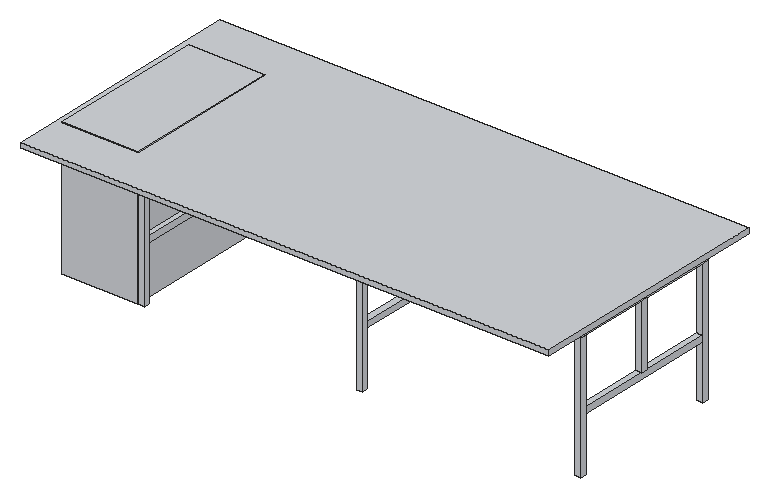
Revit family "LargeBench", category Furniture, Revit 2025
Family settings
  OmniClass Number = 23.40.20.00
  OmniClass Title = General Furniture and Specialties
  Work Plane-Based = No
  Enable Cutting in Views = No
  Always vertical = Yes
  Cut with Voids When Loaded = No
  Render Appearance Source = Family Geometry
  Shared = No
  Room Calculation Point = No
Parameters
  Default Elevation = 0 mm
Reference planes
  plane 1 "CentreLong": y = 0
  plane 2: z = 0
  plane 3 "CentreShort": x = 0
  plane 4 "NorthEdge": y = 825
  plane 5 "SouthEdge": y = -825
  plane 6 "WestEdge": x = -1750
  plane 7 "EastEdge": x = 1750
  plane 8 "NorthBase": y = 525
  plane 9 "SouthBase": y = -525
  plane 10 "DrawerBack": x = -1210
  plane 11 "CentreSupport": x = 255
  plane 12 "DrawerFront": x = -1710
  plane 13 "BenchTop": z = 940
  plane 14 "BenchBottom": z = 900
  plane 15 "EastSupport": x = 1720
Forms (mm)
  Extrusion 1, solid
    sketch origin (0, 0, 0) x (1, 0, 0) y (0, 1, 0)
      loop
        line (-1750, 825) -> (-1750, -825) -> (1750, -825) -> (1750, 825) -> (-1750, 825)
    from 865 to 900
  Extrusion 2, solid
    sketch origin (0, 0, 0) x (1, 0, 0) y (0, 1, 0)
      loop
        line (-1713.833, 525) -> (-1713.833, -525) -> (-1210, -525) -> (-1210, 525) -> (-1713.833, 525)
    from 0 to 900
  Extrusion 3, solid
    sketch origin (1780, 6.903, 0) x (1, 0, 0) y (0, 1, 0)
      loop
        line (-100, 518.097) -> (-100, 478.097) -> (-60, 478.097) -> (-60, 518.097) -> (-100, 518.097)
    from 0 to 825
  Extrusion 4, solid
    sketch origin (1780, -1010, 0) x (1, 0, 0) y (0, 1, 0)
      loop
        line (-100, 525) -> (-100, 485) -> (-60, 485) -> (-60, 525) -> (-100, 525)
    from 0 to 825
  Extrusion 5, solid
    sketch origin (-700, 0, 0) x (1, 0, 0) y (0, 1, 0)
      loop
        line (2380, 525) -> (2380, -525) -> (2420, -525) -> (2420, 525) -> (2400, 525) -> (2380, 525)
    from 825 to 865
  Extrusion 6, solid
    sketch origin (-700, 0, 0) x (1, 0, 0) y (0, 1, 0)
      loop
        line (2380, 485) -> (2380, -485) -> (2420, -485) -> (2420, 485) -> (2380, 485)
    from 360 to 400
  Extrusion 7, solid
    sketch origin (-700, -11.903, 0) x (1, 0, 0) y (0, 1, 0)
      loop
        line (2380, 31.903) -> (2380, -8.097) -> (2420, -8.097) -> (2420, 31.903) -> (2380, 31.903)
    from 400 to 825
  Extrusion 8, solid, not visible
    sketch origin (2480, 6.903, 0) x (1, 0, 0) y (0, 1, 0)
      loop
        line (-100, 518.097) -> (-100, 478.097) -> (-60, 478.097) -> (-60, 518.097) -> (-100, 518.097)
    from 0 to 825
  Extrusion 9, solid, not visible
    sketch origin (2480, -1010, 0) x (1, 0, 0) y (0, 1, 0)
      loop
        line (-100, 525) -> (-100, 485) -> (-60, 485) -> (-60, 525) -> (-100, 525)
    from 0 to 825
  Extrusion 10, solid, not visible
    sketch origin (0, 0, 0) x (1, 0, 0) y (0, 1, 0)
      loop
        line (2380, 525) -> (2380, -525) -> (2420, -525) -> (2420, 525) -> (2400, 525) -> (2380, 525)
    from 825 to 865
  Extrusion 11, solid, not visible
    sketch origin (0, 0, 0) x (1, 0, 0) y (0, 1, 0)
      loop
        line (2380, 485) -> (2380, -485) -> (2420, -485) -> (2420, 485) -> (2380, 485)
    from 360 to 400
  Extrusion 12, solid, not visible
    sketch origin (0, -11.903, 0) x (1, 0, 0) y (0, 1, 0)
      loop
        line (2380, 31.903) -> (2380, -8.097) -> (2420, -8.097) -> (2420, 31.903) -> (2380, 31.903)
    from 400 to 825
  Extrusion 13, solid
    sketch origin (335, 6.903, 0) x (1, 0, 0) y (0, 1, 0)
      loop
        line (-100, 518.097) -> (-100, 478.097) -> (-60, 478.097) -> (-60, 518.097) -> (-100, 518.097)
    from 0 to 825
  Extrusion 14, solid
    sketch origin (335, -1010, 0) x (1, 0, 0) y (0, 1, 0)
      loop
        line (-100, 525) -> (-100, 485) -> (-60, 485) -> (-60, 525) -> (-100, 525)
    from 0 to 825
  Extrusion 15, solid
    sketch origin (-2145, 0, 0) x (1, 0, 0) y (0, 1, 0)
      loop
        line (2380, 525) -> (2380, -525) -> (2420, -525) -> (2420, 525) -> (2400, 525) -> (2380, 525)
    from 825 to 865
  Extrusion 16, solid
    sketch origin (-2145, 0, 0) x (1, 0, 0) y (0, 1, 0)
      loop
        line (2380, 485) -> (2380, -485) -> (2420, -485) -> (2420, 485) -> (2380, 485)
    from 360 to 400
  Extrusion 17, solid
    sketch origin (-2145, -11.903, 0) x (1, 0, 0) y (0, 1, 0)
      loop
        line (2380, 31.903) -> (2380, -8.097) -> (2420, -8.097) -> (2420, 31.903) -> (2380, 31.903)
    from 400 to 825
  Extrusion 18, solid
    sketch origin (-1108, 6.903, 0) x (1, 0, 0) y (0, 1, 0)
      loop
        line (-100, 518.097) -> (-100, 478.097) -> (-60, 478.097) -> (-60, 518.097) -> (-100, 518.097)
    from 0 to 825
  Extrusion 19, solid
    sketch origin (-1108, -1010, 0) x (1, 0, 0) y (0, 1, 0)
      loop
        line (-100, 525) -> (-100, 485) -> (-60, 485) -> (-60, 525) -> (-100, 525)
    from 0 to 825
  Extrusion 20, solid
    sketch origin (-3588, 0, 0) x (1, 0, 0) y (0, 1, 0)
      loop
        line (2380, 525) -> (2380, -525) -> (2420, -525) -> (2420, 525) -> (2400, 525) -> (2380, 525)
    from 825 to 865
  Extrusion 21, solid
    sketch origin (-3588, 0, 0) x (1, 0, 0) y (0, 1, 0)
      loop
        line (2380, 485) -> (2380, -485) -> (2420, -485) -> (2420, 485) -> (2380, 485)
    from 360 to 400
  Extrusion 22, solid
    sketch origin (-3588, -11.903, 0) x (1, 0, 0) y (0, 1, 0)
      loop
        line (2380, 31.903) -> (2380, -8.097) -> (2420, -8.097) -> (2420, 31.903) -> (2380, 31.903)
    from 400 to 825
Cuts and joins
  joined: Extrusion 5, Extrusion 6
Dimensions and locks
  plane 6 "WestEdge" to plane 3 "CentreShort" = 1750 mm
  plane 3 "CentreShort" to plane 7 "EastEdge" = 1750 mm
  plane 6 "WestEdge" to plane 10 "DrawerBack" = 540 mm
  plane 11 "CentreSupport" to cut or joined group of Extrusion 5, Extrusion 6 = 1425 mm
  Extrusion 20 to plane 11 "CentreSupport" = 1423 mm
  aligned and locked: level to plane 2
